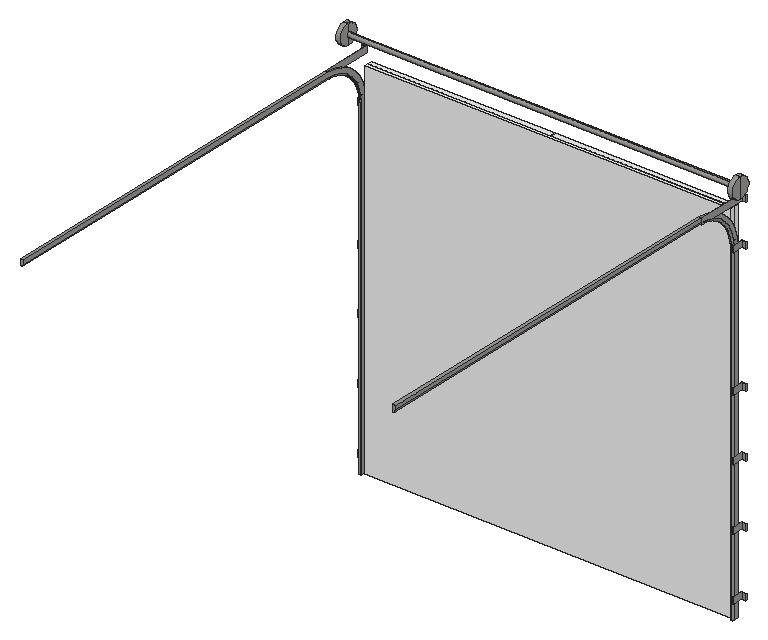
Revit family "Door_Overhead-Sectional_CarriageHouseDC_Wood-3020", category Doors, host Wall, Revit 2026
Family settings
  Host = Wall
  Classification Number = 23.30.10.17.37.14
  Always vertical = Yes
  Cut with Voids When Loaded = No
  Shared = No
  Room Calculation Point = No
Parameters (values of type "ByType")
  Wall_Wood Jamb [instance] = yes
  Wall_Steel Jamb [instance] = not(Wall_Wood Jamb)  # no
  Track Type [instance] = Tracks_Standard-Lift : Tracks_Standard-Lift
  Track Finish [instance] = Metal - Steel
  R-Value = 0
  Panel Width [instance] = 10' - 0"
  Panel Thickness Design_Interior [instance] = 0' - 0 1/4"  # constant formula
  Panel Thickness Design_Frame [instance] = 0' - 1 3/8"  # constant formula
  Panel Thickness Design_Facing [instance] = 0' - 0 1/2"
  Panel Thickness Design_Exterior Trim [instance] = 0' - 0 5/8"  # constant formula
  Panel Thickness [instance] = Panel Thickness Design_Interior + Panel Thickness Design_Frame + Panel Thickness Design_Facing + Panel Thickness Design_Exterior Trim  # 0' - 2 3/4"
  Panel Material [instance] = Finish - White
  Panel Height [instance] = 10' - 0"
  Opening Width [instance] = 10' - 0"
  Opening Height [instance] = 10' - 0"
  Track_High Lift Height [instance] = 0' - 2"
  Standards Conformance = ""
  Revision = "R1_2015-10"
  RO Offset = 0' - 0"
  Inlay Material [instance] = Finish - White Vertical Groove
  Hardware Finish [instance] = none
  Glazing Type [instance] = ""
  Glazing Tint [instance] = Glazing - as Specified
  Glazing Thickness [instance] = 0' - 0 1/8"
  Function = Exterior
  Manufacturer Phone = "916-373-1776"
  Warranty Duration (Years) = 0
  URL = "http://www.carriagedoor.com/"
  Thickness = 0' - 0"  # constant formula
  Test Data = ""
  Specification = ""
  SpecWizard = ""
  Send Message = ""
  Sales Information = "http://www.carriagedoor.com/contactUs.php"
  Rough Width = 0' - 0"  # constant formula
  Rough Height = 0' - 0"  # constant formula
  Product Properties = "http://www.carriagedoor.com/design.php"
  Product Data = "http://www.arcat.com/arcatcos/cos42/arc42007.html"
  Manufacturer Website = "http://www.carriagedoor.com/"
  Manufacturer Phone - Toll Free = "866-890-1776"
  Manufacturer Fax = "916-375-8874"
  Manufacturer Address = "1421 Richards Blvd.   Sacramento, CA 95814"
  Maintenance Schedule (Months) = 0
  Installation-Fabrication = ""
  Installation Phase = ""
  Green Building-LEED = ""
  Model = "as Specified in 08360"
  Manufacturer = "Carriage House Door Company"
  Keynote = "08360"
  Height [instance] = if(1 = 1, Panel Height, 0' 0")  # 10' - 0"
  Wall Closure = By host
  Width [instance] = if(1 = 1, Panel Width, 0' 0")  # 10' - 0"
  Fire Rating = "As Specified in 08360"
  Expected Lifespan (Years) = 0
  Drawn By = "Sumex Design, Inc. / Robert S. Weygant, CSI, CDT, SCIP"
  Door Panel Design = Door_Overhead-Sectional-Panel_CarriageHouseDC_Wood-3020 : 3020
  Description = "Carriage House Steel Door as Specified"
  Copyright = "©Arcat Inc."
  Construction Details = ""
  Building Codes = ""
  Available Options = "[Paint Grade][Stain Grade], [Ogee Trim Edge][Eased Trim Edge][Square Trim Edge]"
  Assembly Code = "B2030410"
  3 inch Track [instance] = not([2 inch Track])  # no
  2 inch Track [instance] = yes
Reference planes (in)
  plane 1 "Center (Front/Back)": y = -33.96225
  plane 2 "Center (Left/Right)": x = 64.28704
  plane 3: z = 0
  plane 4 "Right": x = 124.28704
  plane 5 "Left": x = 4.28704
  plane 6 "Closure": y = -37.96225
  plane 7: z = 0
  plane 8 "Top of Frame": z = 120
  plane 9 "RO Top": z = 120
  plane 10 "RO Right": x = 124.28704
  plane 11 "RO Left": x = 4.28704
  plane 12: x = 4.28704
  plane 13: x = 124.28704
  plane 14: z = 120
Lines and regions (in)
  Opening 1
    outline origin (-109.33485, -37.96225, 0) x (1, 0, 0) y (0, 0, 1)
      loop
        line (113.62189, 0) -> (233.62189, 0) -> (233.62189, 120) -> (113.62189, 120) -> (113.62189, 0)
Text (in)
  text "Exterior" at (58.95269, 0.56115, 0), in view "Plan"
  text "Interior" at (58.95269, -59.79114, 0), in view "Plan"
  text "Exterior" at (0, -17.98638, 123.01588), in view "Right"
  text "Interior" at (0, -64.39139, 123.01588), in view "Right"
  text "Interior" at (0, -52.09468, 121.14095), in view "Left"
  text "Exterior" at (0, 26.35325, 123.00693), in view "Left"
Dimensions and locks (in)
  equal spacing: plane 4 "Right", plane 2 "Center (Left/Right)", plane 5 "Left"
  "Opening Width": plane 5 "Left" to plane 4 "Right"
  "Opening Height": level to plane 8 "Top of Frame"
  "RO Offset": plane 5 "Left" to plane 11 "RO Left"
  "RO Offset": plane 10 "RO Right" to plane 4 "Right"
  "RO Offset": plane 9 "RO Top" to plane 8 "Top of Frame"
  equal spacing: plane 13, plane 2 "Center (Left/Right)", plane 12
  "Width": plane 13 to plane 12
  "Height": plane 14 to level
  aligned and locked: host wall to plane 1 "Center (Front/Back)"
  aligned and locked: host wall to plane 6 "Closure"
  aligned and locked: Opening 1 sketch curve to level
  aligned and locked: Opening 1 sketch curve to plane 9 "RO Top"
  aligned and locked: plane 10 "RO Right" to Opening 1 sketch curve
  aligned and locked: plane 11 "RO Left" to Opening 1 sketch curve
  aligned: nested 1 to plane 2 "Center (Left/Right)"
  aligned: plane 6 "Closure" to nested 1
  aligned: plane 6 "Closure" to nested 2
  aligned and locked: nested 2 to plane 2 "Center (Left/Right)"
  aligned: nested 2 to plane 6 "Closure"
  aligned and locked: nested 2 to plane 6 "Closure"
Nested families (in)
  nested 1: "Tracks_Standard-Lift" at (64.28704, -40.58725, 0), Track <- "Track Finish", Unit Width <- "Width", Wood Jamb <- "Wall_Wood Jamb", 2in Track <- "2 inch Track", Door Height <- "Height", High Lift Height <- "Track_High Lift Height", Opening Height <- "Opening Height", type <- "Track Type", type "Tracks_Standard-Lift"
    with trackradinsetv 0' - 0", trackradinseth 0' - 0", sideroomint 0' - 1 5/8", roofpitchheight 0' - 0", offsettrackradv 1' - 2.73821", offsettrackradh 1' - 2.99772", offset 12' - 0", highliftcalc 0' - 1", breakoutrun 1.5, breakoutrise 12, breakawaylength 0' - 0.01746", breakaway angle 1.00°, Wood Jamb yes, Unit Width 10' - 0", Unit Depth 0' - 2", Track Radius 1' - 3", Track Offset from Door Edge 0' - 0 1/2", Track Metal - Steel, Steel Jamb no, Standard Spring Location yes, Sideroom_Spring 0' - 3", Sideroom_Jambs 0' - 3", Roof Incline 0.00°, Rear Mount Spring no, Opening Width 10' - 0", Opening Height 10' - 0", High Lift Height 0' - 2", Headroom Clearance 1' - 0", Door Height 10' - 0", Breakaway Start 1' - 2", Back Depth 11' - 10", 3in Track no, 2in Track yes, 1 in 12 Breakout no, 1 5 in 12 Breakout yes
  nested 2: "Door_Overhead-Sectional-Panel_CarriageHouseDC_Wood-3020" at (64.28704, -39.33725, 0) x (-1, 0, 0) z (0, 0, 1), Panel Material <- "Panel Material", Inlay Material <- "Inlay Material", Hardware Finish <- "Hardware Finish", Glazing Tint <- "Glazing Tint", Panel Width <- "Panel Width", Panel Height <- "Panel Height", Glazing Thickness <- "Glazing Thickness", Panel Thickness <- "Panel Thickness", type <- "Door Panel Design", type "3020"
    with Solid Panel Design Setup 2' - 3", Panel Width 10' - 0", Panel Thickness 0' - 2 3/4", Panel Material Finish - White, Panel Height 10' - 0", Number of Sections 5, Inlay Material Finish - White Vertical Groove, Hardware Finish none, Glazing Type "", Glazing Tint Glazing - as Specified, Glazing Thickness 0' - 0 1/8"
Definition of nested family "Tracks_Standard-Lift"
  Parameters
    trackradinsetv [instance] = Track Radius - (Track Radius * cos(Roof Incline))  # 0' - 0"
    trackradinseth [instance] = Track Radius * sin(Roof Incline)  # 0' - 0"
    sideroomint [instance] = if(Steel Jamb, Sideroom_Jambs, 0' 1 5/8")  # 0' - 1 5/8"
    roofpitchheight [instance] = (Back Depth) * tan(Roof Incline)  # 0' - 0"
    offsettrackradv [instance] = Track Radius - (Track Radius * sin(breakaway angle))  # 1' - 2.73821"
    offsettrackradh [instance] = Track Radius * cos(breakaway angle)  # 1' - 2.99772"
    offset [instance] = 12' - 0"
    breakoutrun [instance] = if([1 in 12 Breakout], 1, 1.5)  # 1
    breakoutrise [instance] = 12  # constant formula
    breakawaylength [instance] = (Breakaway Start + High Lift Height - Track Radius) / tan(90.00° - breakaway angle)  # 0' - 0.26183"
    breakaway angle [instance] = 1.00°  # constant formula
    Wood Jamb [instance] = yes
    Unit Width [instance] = 8' - 0"
    Unit Depth [instance] = if([2in Track], 0' 2", if([3in Track], 0' 3", 0' 2"))  # 0' - 3"
    URL = "http://www.chiohd.com/garage-doors/"
    Track Radius [instance] = 1' - 3"
    Track [instance] = none
    Steel Jamb [instance] = not(Wood Jamb)  # no
    Standard Spring Location [instance] = yes
    Specification = ""
    SpecWizard = "http://www.arcat.com/specwizard/clients/chiover.html?coid=43804"
    Track Offset from Door Edge [instance] = 0' - 0 1/2"
    Sideroom_Spring [instance] = 0' - 5"
    Sideroom_Jambs [instance] = 0' - 5"
    Sales Information = "http://www.chiohd.com/dealers/#.UQ_IQr_Xb_Y"
    Roof Incline [instance] = 0.00°
    Revision = "R1_02-2013"
    Rear Mount Spring [instance] = yes
    Product Properties = ""
    Product Data = "http://www.arcat.com/arcatcos/cos43/arc43804.html"
    Opening Width [instance] = if(Wood Jamb, Unit Width, Unit Width - 0' 1")  # 8' - 0"
    Opening Height [instance] = 8' - 0"
    Model = "As Specified"
    Manufacturer = "CHI Overhead Doors"
    Keynote = ""
    Installation-Fabrication = ""
    highliftcalc [instance] = if(Headroom Clearance < 5' 4 3/256", Headroom Clearance - 0' 11", if(and(Headroom Clearance > 5' 4", Headroom Clearance < 11' 1 3/256"), Headroom Clearance - 1' 1", if(and(Headroom Clearance > 11' 1", Headroom Clearance < 15' 0 3/256"), Headroom Clearance - 1' 5", 1' 0")))  # 1' - 10"
    High Lift Height [instance] = 1' - 10"
    Headroom Clearance [instance] = 2' - 9"
    Green Building-LEED = "http://www.arcat.com/green/clients/leed_data_43804.html"
    Drawn By = "Sumex Design, Inc. / Robert S. Weygant, CSI, CDT, SCIP"
    Door Height [instance] = 8' - 0"
    Description = ""
    Default Elevation = 4' - 0"
    Copyright = "©Arcat Inc."
    Construction Details = "http://www.arcat.com/details/chiover/chiover.html?coid=43804"
    Breakaway Start [instance] = if([1 in 12 Breakout], 0' 8", if([1 5 in 12 Breakout], 1' 2", 1' 0"))  # 0' - 8"
    Back Depth [instance] = Door Height + 1' 10"  # 9' - 10"
    Assembly Code = ""
    3in Track [instance] = not([2in Track])  # yes
    2in Track [instance] = no
    1 in 12 Breakout [instance] = yes
    1 5 in 12 Breakout [instance] = not([1 in 12 Breakout])  # no
  Reference planes (in)
    plane 1 "Center (Front/Back)": y = 0
    plane 2 "Bottom": z = 0
    plane 3 "Center (Left/Right)": x = 0
    plane 4 "Front": y = -1.5
    plane 5 "Back": y = 1.5
    plane 6 "Left": x = -48
    plane 7 "Right": x = 48
    plane 8 "Top": z = 121
    plane 9: z = 96
    plane 10: x = -48
    plane 11: x = 48
    plane 12: z = 129
    plane 13: y = -114.875
    plane 14: y = -13.49772
    plane 15: z = 106.26179
    plane 16: y = 3.125
    plane 17: z = 67.5
    plane 18: z = 47
    plane 19: z = 26.5
    plane 20: z = 6
    plane 21: z = 97.13089
    plane 22: x = 53
    plane 23: x = -53
    plane 24 "Drum CL": y = -1.875
    plane 25: z = 106
    plane 26: z = 118
    plane 27: y = -13.49772
    plane 28: z = 121
    plane 29: x = -49.625
    plane 30: x = 49.625
  Forms (in)
    Extrusion 1, solid, material <- "Track", visible <- "Wood Jamb"
      sketch origin (0, 0, 0) x (1, 0, 0) y (0, 1, 0)
        loop
          line (-49.5, -13.49772) -> (-49.5, 3.125) -> (-53, 3.125) -> (-53, 3) -> (-49.625, 3) -> (-49.625, -13.49772) -> (-49.5, -13.49772)
        loop
          line (49.5, -13.49772) -> (49.625, -13.49772) -> (49.625, 3) -> (53, 3) -> (53, 3.125) -> (49.5, 3.125) -> (49.5, -13.49772)
      from 0 to 121
    Extrusion 2, void
      sketch origin (0, 0, 0) x (0, 1, 0) y (0, 0, 1)
        loop
          line (-1.5, 5) -> (-1.5, 7) -> (3.125, 7) -> (3.125, 25.5) -> (-1.5, 25.5) -> (-1.5, 27.5) -> (3.125, 27.5) -> (3.125, 46) -> (-1.5, 46) -> (-1.5, 48) -> (3.125, 48) -> (3.125, 66.5) -> (-1.5, 66.5) -> (-1.5, 68.5) -> (3.125, 68.5) -> (3.125, 105.26179) -> (-1.5, 105.26179) -> (-1.5, 107.26179) -> (3.125, 107.26179) -> (3.125, 119) -> (-13.49772, 119) -> (-13.49772, 0) -> (3.125, 0) -> (3.125, 5) -> (-1.5, 5)
      from -53 to 53
    Extrusion 3, solid, material <- "Track", visible <- "Steel Jamb"
      sketch origin (0, 0, 0) x (1, 0, 0) y (0, 1, 0)
        loop
          line (-53, 3.125) -> (-53, -13.49772) -> (-52.875, -13.49772) -> (-52.875, 3) -> (-48.375, 3) -> (-48.375, 3.125) -> (-53, 3.125)
        loop
          line (53, 3.125) -> (48.375, 3.125) -> (48.375, 3) -> (52.875, 3) -> (52.875, -13.49772) -> (53, -13.49772) -> (53, 3.125)
      from 0 to 121
    Revolve 4, solid, material <- "Track"
      sketch origin (0, -1.875, 0) x (0, 0, -1) y (1, 0, 0)
        loop
          line (-128.25, -53) -> (-125, -53) -> (-125, 53) -> (-128.25, 53) -> (-128.25, 51.5) -> (-125.75, 51.5) -> (-125.75, -51.5) -> (-128.25, -51.5) -> (-128.25, -53)
        axis (-125, 53) -> (-125, -53)
      angle from 0 to 360
    Sweep 5, solid, material <- "Track"
      path origin (0, 0, 0) x (0, 1, 0) y (0, 0, 1)
        loop
          line (1.5, 0) -> (1.5, 106.26179)
          arc (1.5, 106.26179) -> (-2.98408, 116.69876) -> (-13.49772, 121) r 15
          line (-13.49772, 121) -> (-114.875, 121)
      profile origin (0, -64.18636, 121) x (0, 0, -1) y (1, 0, 0)
        loop
          line (2.62111, -48.5) -> (0, -48.5) -> (0, -49.5) -> (2.25, -49.5)
          arc (2.25, -49.5) -> (2.68414, -49.38263) -> (3, -49.0625) r 0.86161
          line (3, -49.0625) -> (3, -48.71875) -> (2.62111, -48.5)
    Sweep 6, solid, material <- "Track"
      path origin (0, 0, 0) x (0, 1, 0) y (0, 0, 1)
        loop
          line (1.5, 0) -> (1.5, 106.26179)
          arc (1.5, 106.26179) -> (-2.98408, 116.69876) -> (-13.49772, 121) r 15
          line (-13.49772, 121) -> (-114.875, 121)
      profile origin (0, -64.18636, 121) x (0, 0, -1) y (1, 0, 0)
        loop
          line (0, 49.5) -> (0, 48.5) -> (2.62111, 48.5) -> (3, 48.71875) -> (3, 49.0625)
          arc (3, 49.0625) -> (2.68414, 49.38263) -> (2.25, 49.5) r 0.86161
          line (2.25, 49.5) -> (0, 49.5)
  Cuts and joins
    Extrusion 2 cuts Extrusion 1
    Extrusion 2 cuts Extrusion 3
  Lines and regions (in)
    reference lines
      curve 1: arc (0, 0.25, 112.00003) -> (0, -5.28189, 118.54991) -> (0, -13.49772, 121) r 15
      curve 2: line (0, -13.49772, 121) -> (0, -114.875, 121)
  Text (in)
    text "OPENING" at (0, 24.81124, 52.10269), in view "Right"
    text "STANDARD LIFT" at (0, 24.81124, 118.55424), in view "Right"
  Dimensions and locks (in)
    equal spacing: plane 6 "Left", plane 3 "Center (Left/Right)", plane 7 "Right"
    "Unit Width": plane 6 "Left" to plane 7 "Right"
    equal spacing: plane 5 "Back", plane 1 "Center (Front/Back)", plane 4 "Front"
    "Unit Depth": plane 5 "Back" to plane 4 "Front"
    equal spacing: plane 10, plane 3 "Center (Left/Right)", plane 11
    "Opening Width": plane 10 to plane 11
    "Headroom Clearance": plane 12 to plane 9
    "Back Depth": plane 13 to plane 16
    "offsettrackradv": plane 8 "Top" to plane 15
    locked: plane 16 to plane 5 "Back" at 1.625
    "Sideroom_Jambs": Extrusion 1 sketch curve to plane 10
    "Sideroom_Jambs": plane 11 to Extrusion 1 sketch curve
    locked: plane 20 to level at 6
    equal spacing: plane 17, plane 18, plane 19, plane 20
    Extrusion 2 sketch curve to plane 20 to Extrusion 2 sketch curve = 0' - 1" locked, 0' - 1" locked
    Extrusion 2 sketch curve to plane 19 to Extrusion 2 sketch curve = 0' - 1" locked, 0' - 1" locked
    Extrusion 2 sketch curve to plane 18 to Extrusion 2 sketch curve = 0' - 1" locked, 0' - 1" locked
    Extrusion 2 sketch curve to plane 17 to Extrusion 2 sketch curve = 0' - 1" locked, 0' - 1" locked
    Extrusion 2 sketch curve to plane 15 to Extrusion 2 sketch curve = 0' - 1" locked, 0' - 1" locked
    "Sideroom_Spring": plane 23 to plane 10
    "Sideroom_Spring": plane 11 to plane 22
    locked: Extrusion 3 sketch curve to plane 10 at 0.375
    locked: plane 11 to Extrusion 3 sketch curve at 0.375
    locked: plane 24 "Drum CL" to plane 16 at 5
    locked: Revolve 4 sketch curve to plane 10 at 5
    locked: plane 11 to Revolve 4 sketch curve at 5
    locked: Revolve 4 sketch curve to Revolve 4 sketch curve at 1.5  (x2)
    locked: Revolve 4 sketch curve to Revolve 4 sketch curve at 0.75
    locked: Revolve 4 sketch curve to Revolve 4 sketch curve at 3.25  (x2)
    locked: Extrusion 1 sketch curve to Extrusion 1 sketch curve at 0.125
    "Opening Height": plane 9 to level
    "Track Radius": plane 8 "Top" to plane 25
    "High Lift Height": plane 26 to plane 9
    "Unit Depth": plane 8 "Top" to plane 26
    "offsettrackradh": plane 14 to plane 5 "Back"
    "trackradinseth": plane 14 to plane 27
    "trackradinsetv": plane 8 "Top" to plane 28
    "Unit Depth": Sweep 5 sketch curve to Sweep 5 sketch curve
    locked: plane 8 "Top" to Extrusion 2 sketch curve at 2
    "Unit Depth": Sweep 6 sketch curve to Sweep 6 sketch curve
    Extrusion 1 sketch curve to Extrusion 1 sketch curve to plane 10 = 0' - 0 1/8" locked, 0' - 1 1/2" locked
    equal spacing: Sweep 5 sketch curve, Sweep 5 sketch curve, Sweep 5 sketch curve, Sweep 5 sketch curve, plane 10
    equal spacing: plane 11, Sweep 6 sketch curve, Sweep 6 sketch curve, Sweep 6 sketch curve, Sweep 6 sketch curve
    "sideroomint": plane 29 to plane 10
    plane 29 to Sweep 5 sketch curve to Sweep 5 sketch curve to Sweep 5 sketch curve to Sweep 5 sketch curve = 0' - 0 1/8" locked, 0' - 0 7/16" locked, 0' - 0 11/32" locked, 0' - 0 7/32" locked
    "Sideroom_Jambs": Extrusion 3 sketch curve to plane 10
    locked: Extrusion 3 sketch curve to Extrusion 3 sketch curve at 0.125  (x2)
    "Sideroom_Jambs": plane 11 to Extrusion 3 sketch curve
    locked: plane 11 to Extrusion 1 sketch curve at 1.5
    "sideroomint": plane 11 to plane 30
    Sweep 6 sketch curve to Sweep 6 sketch curve to Sweep 6 sketch curve to Sweep 6 sketch curve to plane 30 = 0' - 0 7/32" locked, 0' - 0 11/32" locked, 0' - 0 7/16" locked, 0' - 0 1/8" locked
    locked: Revolve 4 sketch curve to plane 26 at 7
    "Track Radius": radius of curve 1
    "Track Radius": radius of Sweep 6 sketch curve
    "Roof Incline": angle curve 2 to plane 28
    "Roof Incline": angle Sweep 5 sketch curve to plane 28
    "Roof Incline": angle Sweep 6 sketch curve to plane 28
    aligned and locked: plane 14 to Extrusion 1 sketch curve
    aligned and locked: Extrusion 1 sketch curve to plane 14
    aligned and locked: Extrusion 2 sketch curve to plane 14
    aligned and locked: Extrusion 2 sketch curve to plane 16
    aligned and locked: plane 4 "Front" to Extrusion 2 sketch curve  (x4)
    aligned and locked: Extrusion 2 sketch curve to plane 4 "Front"
    aligned and locked: plane 23 to Extrusion 2
    aligned and locked: Extrusion 2 to plane 22
    aligned and locked: Extrusion 3 sketch curve to plane 14
    aligned and locked: plane 14 to Extrusion 3 sketch curve
    aligned and locked: Revolve 4 sketch curve to Revolve 4 sketch curve
    aligned and locked: plane 27 to curve 1
    aligned and locked: plane 25 to curve 1
    aligned and locked: plane 14 to curve 1
    aligned and locked: plane 13 to curve 2
    aligned and locked: Sweep 5 sketch curve to curve 1
    aligned and locked: plane 13 to Sweep 5 sketch curve
    aligned and locked: plane 27 to Sweep 5 sketch curve
    aligned and locked: plane 8 "Top" to Extrusion 3
    aligned and locked: plane 8 "Top" to Extrusion 1
    aligned and locked: plane 13 to Sweep 6 sketch curve
    aligned and locked: plane 15 to Sweep 5 sketch curve
    aligned and locked: plane 27 to Sweep 6 sketch curve
    aligned and locked: plane 28 to Sweep 6 sketch curve
    aligned and locked: plane 15 to Sweep 6 sketch curve
    aligned and locked: plane 5 "Back" to Sweep 6 sketch curve
  Automatic sketch dimensions
    Extrusion 1 sketch curve to plane 16 = 0' - 0"  (x2)
    Extrusion 1 sketch curve to plane 16 = 0' - 0 1/8"  (x2)
    Extrusion 3 sketch curve to plane 16 = 0' - 0"  (x2)
    Extrusion 3 sketch curve to plane 16 = 0' - 0 1/8"  (x2)
    Revolve 4 sketch curve to Revolve 4 sketch curve = 0' - 0"
    Revolve 4 sketch curve to Revolve 4 sketch curve = 0' - 3"
    Sweep 5 sketch curve to level = 0' - 0"
    Sweep 5 sketch curve to profile plane = 0' - 0"
    Sweep 5 sketch curve to Sweep 5 sketch curve = 0' - 0.37111"
    Sweep 5 sketch curve to Sweep 5 sketch curve = 0' - 0.13839"
    Sweep 6 sketch curve to profile plane = 0' - 0"
    Sweep 6 sketch curve to Sweep 6 sketch curve = 0' - 0.37111"
    Sweep 6 sketch curve to Sweep 6 sketch curve = 0' - 0.13839"
    curve 1 to plane 1 "Center (Front/Back)" = 0' - 0 1/4"
    Sweep 6 sketch curve to level = 0' - 0"
    Extrusion 2 sketch curve to plane 16 = 0' - 0"  (x5)
    Extrusion 2 sketch curve to level = 0' - 0"
Definition of nested family "Door_Overhead-Sectional-Panel_CarriageHouseDC_Wood-3020"
  Parameters
    Windowed Panel Design = no
    Warranty Duration (Years) = 0
    URL = ""
    Top Panel Type = Rectangle-Top-Panel : A
    Specification = ""
    SpecWizard = ""
    Solid Panel Design = yes
    Send Message = ""
    Sales Information = ""
    Revision = "R1_01-2014"
    Product Properties = ""
    Product Data = ""
    Panel Width [instance] = 8' - 0"
    Panel Thickness [instance] = 0' - 3"
    Panel Material [instance] = none
    Panel Height [instance] = 7' - 0"
    Number of Sections [instance] = if(Panel Height < 8' 0", 3, if(Panel Height < 10' 0", 4, if(Panel Height < 12' 0", 5, 6)))  # 3
    Model = "As Specified"
    Manufacturer Website = ""
    Manufacturer Phone - Toll Free = ""
    Manufacturer Phone = ""
    Manufacturer Fax = ""
    Manufacturer Address = ""
    Manufacturer = ""
    Maintenance Schedule (Months) = 0
    Solid Panel Design Setup [instance] = if(1 = 1, (Panel Height / Number of Sections) + 0' 3", 0' 0")  # 2' - 7"
    Keynote = ""
    Installation-Fabrication = ""
    Installation Phase = ""
    Inlay Material [instance] = none
    Hardware Finish [instance] = none
    Green Building-LEED = ""
    Glazing Type [instance] = ""
    Glazing Tint [instance] = none
    Glazing Thickness [instance] = 0' - 0 1/8"
    Expected Lifespan (Years) = 0
    Drawn By = "Sumex Design, Inc. / Robert S. Weygant, CSI, CDT, SCIP"
    Description = ""
    Default Elevation = 0' - 0"
    Copyright = "©Arcat Inc."
    Construction Details = ""
    Assembly Code = ""
  Reference planes (in)
    plane 1 "Center (Front/Back)": y = 0
    plane 2 "Bottom": z = 0
    plane 3 "Center (Left/Right)": x = 0
    plane 4 "Front": y = -1.5
    plane 5 "Back": y = 1.5
    plane 6 "Left": x = -48
    plane 7 "Right": x = 48
    plane 8 "Top": z = 84
    plane 9: z = 56
    plane 10: z = 53
  Forms (in)
    Extrusion 1, solid, material <- "Panel Material", visible <- "Solid Panel Design"
      sketch origin (0, 0, 0) x (1, 0, 0) y (0, 0, 1)
        loop
          line (-48, 84) -> (-48, 0) -> (0, 0) -> (0, 84) -> (-48, 84)
        loop
          line (-5.5, 5.5) -> (-5.5, 50.25) -> (-42.5, 50.25) -> (-42.5, 5.5) -> (-5.5, 5.5)
        loop
          line (-42.5, 78.5) -> (-42.5, 55.75) -> (-5.5, 55.75) -> (-5.5, 78.5) -> (-42.5, 78.5)
      from 0 to 1.5
    Extrusion 2, solid, material <- "Panel Material", visible <- "Solid Panel Design"
      sketch origin (0, 0, 0) x (1, 0, 0) y (0, 0, 1)
        loop
          line (48, 84) -> (0, 84) -> (0, 0) -> (48, 0) -> (48, 84)
        loop
          line (42.5, 5.5) -> (42.5, 50.25) -> (5.5, 50.25) -> (5.5, 5.5) -> (42.5, 5.5)
        loop
          line (5.5, 78.5) -> (5.5, 55.75) -> (42.5, 55.75) -> (42.5, 78.5) -> (5.5, 78.5)
      from 0 to 1.5
    Extrusion 3, solid, material <- "Panel Material", visible <- "Solid Panel Design"
      sketch origin (0, 0, 0) x (1, 0, 0) y (0, 0, 1)
        loop
          line (-48, 84) -> (-48, 0) -> (48, 0) -> (48, 84) -> (-48, 84)
      from -1.5 to 0
    Extrusion 4, solid, material <- "Panel Material", visible <- "Windowed Panel Design"
      sketch origin (0, 0, 0) x (1, 0, 0) y (0, 0, 1)
        loop
          line (-48, 56) -> (-48, 0) -> (0, 0) -> (0, 56) -> (-48, 56)
        loop
          line (-42.5, 5.5) -> (-5.5, 5.5) -> (-5.5, 53.25) -> (-42.5, 53.25) -> (-42.5, 5.5)
      from 0 to 1.5
    Extrusion 5, solid, material <- "Panel Material", visible <- "Windowed Panel Design"
      sketch origin (0, 0, 0) x (-1, 0, 0) y (0, 0, -1)
        loop
          line (-48, -56) -> (0, -56) -> (0, 0) -> (-48, 0) -> (-48, -56)
        loop
          line (-42.5, -5.5) -> (-42.5, -53.25) -> (-5.5, -53.25) -> (-5.5, -5.5) -> (-42.5, -5.5)
      from 0 to 1.5
    Extrusion 6, solid, material <- "Panel Material", visible <- "Windowed Panel Design"
      sketch origin (0, 0, 0) x (1, 0, 0) y (0, 0, 1)
        loop
          line (-48, 56) -> (-48, 0) -> (48, 0) -> (48, 56) -> (-48, 56)
      from -1.5 to 0
  Dimensions and locks (in)
    equal spacing: plane 6 "Left", plane 3 "Center (Left/Right)", plane 7 "Right"
    "Panel Width": plane 6 "Left" to plane 7 "Right"
    equal spacing: plane 5 "Back", plane 1 "Center (Front/Back)", plane 4 "Front"
    "Panel Thickness": plane 5 "Back" to plane 4 "Front"
    "Panel Height": plane 8 "Top" to level
    locked: plane 8 "Top" to plane 9 at 28
    "Solid Panel Design Setup": plane 8 "Top" to plane 10
    locked: Extrusion 1 sketch curve to plane 6 "Left" at 5.5
    locked: plane 3 "Center (Left/Right)" to Extrusion 1 sketch curve at 5.5
    locked: Extrusion 1 sketch curve to level at 5.5
    locked: plane 7 "Right" to Extrusion 2 sketch curve at 5.5
    locked: Extrusion 2 sketch curve to plane 3 "Center (Left/Right)" at 5.5
    locked: plane 8 "Top" to Extrusion 2 sketch curve at 5.5
    locked: Extrusion 2 sketch curve to level at 5.5
    locked: plane 9 to Extrusion 4 sketch curve at 2.75
    locked: Extrusion 4 sketch curve to level at 5.5
    locked: plane 3 "Center (Left/Right)" to Extrusion 4 sketch curve at 5.5
    locked: Extrusion 4 sketch curve to plane 6 "Left" at 5.5
    locked: plane 9 to Extrusion 5 sketch curve at 2.75
    locked: plane 7 "Right" to Extrusion 5 sketch curve at 5.5
    locked: Extrusion 5 sketch curve to plane 3 "Center (Left/Right)" at 5.5
    locked: Extrusion 5 sketch curve to level at 5.5
    locked: plane 8 "Top" to Extrusion 1 sketch curve at 5.5
    Extrusion 2 sketch curve to plane 10 to Extrusion 2 sketch curve = 0' - 2 3/4" locked, 0' - 2 3/4" locked
    Extrusion 1 sketch curve to plane 10 to Extrusion 1 sketch curve = 0' - 2 3/4" locked, 0' - 2 3/4" locked
    aligned and locked: plane 3 "Center (Left/Right)" to Extrusion 1 sketch curve
    aligned and locked: Extrusion 3 sketch curve to Extrusion 1  (x2)
    aligned and locked: Extrusion 3 sketch curve to Extrusion 2  (x2)
    aligned and locked: Extrusion 3 to plane 5 "Back"
    aligned and locked: plane 1 "Center (Front/Back)" to Extrusion 3
    aligned and locked: Extrusion 5 to plane 4 "Front"
    aligned and locked: Extrusion 4 to plane 4 "Front"
    aligned and locked: Extrusion 6 sketch curve to Extrusion 4  (x2)
    aligned and locked: Extrusion 6 sketch curve to Extrusion 3
    aligned and locked: Extrusion 6 sketch curve to Extrusion 2
    aligned and locked: Extrusion 6 to plane 5 "Back"
    aligned and locked: plane 1 "Center (Front/Back)" to Extrusion 6
    aligned and locked: plane 3 "Center (Left/Right)" to nested 1
    aligned and locked: plane 1 "Center (Front/Back)" to nested 1
    aligned and locked: Extrusion 1 to plane 4 "Front"
    aligned and locked: Extrusion 2 to plane 4 "Front"
  Automatic sketch dimensions
    Extrusion 4 sketch curve to plane 6 "Left" = 0' - 0"
    Extrusion 4 sketch curve to plane 3 "Center (Left/Right)" = 0' - 0"
    Extrusion 4 sketch curve to level = 0' - 0"
    Extrusion 4 sketch curve to plane 9 = 0' - 0"
    Extrusion 5 sketch curve to plane 7 "Right" = 0' - 0"
    Extrusion 5 sketch curve to plane 3 "Center (Left/Right)" = 0' - 0"
    Extrusion 5 sketch curve to level = 0' - 0"
    Extrusion 5 sketch curve to plane 9 = 0' - 0"
    Extrusion 1 sketch curve to level = 0' - 0"
    Extrusion 1 sketch curve to plane 6 "Left" = 0' - 0"
    Extrusion 1 sketch curve to plane 8 "Top" = 0' - 0"
    Extrusion 2 sketch curve to level = 0' - 0"
    Extrusion 2 sketch curve to plane 3 "Center (Left/Right)" = 0' - 0"
    Extrusion 2 sketch curve to plane 7 "Right" = 0' - 0"
    Extrusion 2 sketch curve to plane 8 "Top" = 0' - 0"
    Extrusion 2 sketch curve to Extrusion 2 sketch curve = 0' - 0"  (x2)
    Extrusion 1 sketch curve to Extrusion 1 sketch curve = 0' - 0"
    Extrusion 1 sketch curve to plane 3 "Center (Left/Right)" = 0' - 5 1/2"
  Nested families (in)
    nested 1: "Rectangle-Top-Panel" at (0, 0, 56), glazing thickness <- "Glazing Thickness", glazing <- "Glazing Tint", panel <- "Panel Material", type <- "Top Panel Type", Width <- "Panel Width", visible <- "Windowed Panel Design", Depth <- "Panel Thickness", type "A"
      with panel none, muntinreverse -0' - 0 1/4", glazing thickness 0' - 0 1/8", glazing none, built-in parameter 1001301 8' - 0", built-in parameter 1001300 2' - 4", Depth 0' - 3"
  Definition of nested family "Rectangle-Top-Panel"
    Parameters
      panel [instance] = none
      muntinreverse [instance] = -glazing thickness - 0' 0 1/8"  # -0' - 0 5/8"
      glazing thickness [instance] = 0' - 0 1/2"
      glazing [instance] = none
      Width [instance] = 8' - 0"
      Warranty Duration (Years) = 0
      Vertical Two = no
      Vertical Three = no
      Vertical One = no
      URL = ""
      Specification = ""
      SpecWizard = ""
      Send Message = ""
      Sales Information = ""
      Revision = "R1_01-2014"
      Product Properties = ""
      Product Data = ""
      Model = "As Specified"
      Manufacturer Website = ""
      Manufacturer Phone - Toll Free = ""
      Manufacturer Phone = ""
      Manufacturer Fax = ""
      Manufacturer Address = ""
      Manufacturer = ""
      Maintenance Schedule (Months) = 0
      Keynote = ""
      Installation-Fabrication = ""
      Installation Phase = ""
      Horizontal = no
      Height [instance] = 2' - 4"  # constant formula
      Green Building-LEED = ""
      Expected Lifespan (Years) = 0
      Drawn By = "Sumex Design, Inc. / Robert S. Weygant, CSI, CDT, SCIP"
      Description = ""
      Depth [instance] = 0' - 2"
      Default Elevation = 0' - 0"
      Copyright = "©Arcat Inc."
      Construction Details = ""
      Assembly Code = ""
    Reference planes (in)
      plane 1 "Center (Front/Back)": y = 0
      plane 2 "Bottom": z = 0
      plane 3 "Center (Left/Right)": x = 0
      plane 4 "Front": y = -1
      plane 5 "Back": y = 1
      plane 6 "Left": x = -48
      plane 7 "Right": x = 48
      plane 8 "Top": z = 28
      plane 9: y = -0.625
      plane 10: y = -1.125
      plane 11 "V2A": x = -30.16667
      plane 12 "V2B": x = -17.83333
      plane 13: x = -5.5
      plane 14: x = -42.5
      plane 15: x = 5.5
      plane 16: x = 42.5
      plane 17 "V2C": x = 17.83333
      plane 18 "V2D": x = 30.16667
      plane 19 "V1A": x = -24
      plane 20 "V1B": x = 24
      plane 21 "V3A": x = -33.25
      plane 22 "V3C": x = -14.75
      plane 23 "V3B": x = -24
      plane 24 "V3F": x = 33.25
      plane 25 "V3D": x = 14.75
      plane 26 "V3E": x = 24
    Forms (in)
      Extrusion 1, solid, material <- "panel"
        sketch origin (0, 0, 0) x (1, 0, 0) y (0, 0, 1)
          loop
            line (-48, 28) -> (-48, 0) -> (0, 0) -> (0, 28) -> (-48, 28)
          loop
            line (-42.5, 22.5) -> (-42.5, 2.75) -> (-5.5, 2.75) -> (-5.5, 22.5) -> (-42.5, 22.5)
        from -1 to 1
      Extrusion 2, solid, material <- "panel"
        sketch origin (0, 0, 0) x (-1, 0, 0) y (0, 0, -1)
          loop
            line (-48, -28) -> (0, -28) -> (0, 0) -> (-48, 0) -> (-48, -28)
          loop
            line (-42.5, -22.5) -> (-5.5, -22.5) -> (-5.5, -2.75) -> (-42.5, -2.75) -> (-42.5, -22.5)
        from -1 to 1
      Extrusion 3, solid, material <- "glazing"
        sketch origin (0, 0, 0) x (1, 0, 0) y (0, 0, 1)
          loop
            line (-42.5, 22.5) -> (-42.5, 2.75) -> (-5.5, 2.75) -> (-5.5, 22.5) -> (-42.5, 22.5)
          loop
            line (5.5, 22.5) -> (5.5, 2.75) -> (42.5, 2.75) -> (42.5, 22.5) -> (5.5, 22.5)
        from 0.625 to 1.125
      Extrusion 4, solid, material <- "panel", visible <- "Horizontal"
        sketch origin (50.26024, -1.125, 48) x (1, 0, 0) y (0, 0, 1)
          loop
            line (-55.76024, -36.375) -> (-55.76024, -34.375) -> (-92.76024, -34.375) -> (-92.76024, -36.375) -> (-55.76024, -36.375)
          loop
            line (-44.76024, -36.375) -> (-7.76024, -36.375) -> (-7.76024, -34.375) -> (-44.76024, -34.375) -> (-44.76024, -36.375)
        from 0.1875 to -0.625 <- "muntinreverse"
      Extrusion 5, solid, material <- "panel", visible <- "Vertical Two"
        sketch origin (50.26024, -1.125, 48) x (1, 0, 0) y (0, 0, 1)
          loop
            line (-79.42691, -25.5) -> (-81.42691, -25.5) -> (-81.42691, -45.25) -> (-79.42691, -45.25) -> (-79.42691, -25.5)
          loop
            line (-67.09357, -25.5) -> (-69.09357, -25.5) -> (-69.09357, -45.25) -> (-67.09357, -45.25) -> (-67.09357, -25.5)
          loop
            line (-31.42691, -25.5) -> (-33.42691, -25.5) -> (-33.42691, -45.25) -> (-31.42691, -45.25) -> (-31.42691, -25.5)
          loop
            line (-19.09357, -25.5) -> (-21.09357, -25.5) -> (-21.09357, -45.25) -> (-19.09357, -45.25) -> (-19.09357, -25.5)
        from 0.125 to -0.625 <- "muntinreverse"
      Extrusion 6, solid, material <- "panel", visible <- "Vertical One"
        sketch origin (50.26024, -1.125, 48) x (1, 0, 0) y (0, 0, 1)
          loop
            line (-73.26024, -25.5) -> (-75.26024, -25.5) -> (-75.26024, -45.25) -> (-73.26024, -45.25) -> (-73.26024, -25.5)
          loop
            line (-25.26024, -25.5) -> (-27.26024, -25.5) -> (-27.26024, -45.25) -> (-25.26024, -45.25) -> (-25.26024, -25.5)
        from 0.125 to -0.625 <- "muntinreverse"
      Extrusion 7, solid, material <- "panel", visible <- "Vertical Three"
        sketch origin (50.26024, -1.125, 48) x (1, 0, 0) y (0, 0, 1)
          loop
            line (-84.51024, -25.5) -> (-84.51024, -45.25) -> (-82.51024, -45.25) -> (-82.51024, -25.5) -> (-84.51024, -25.5)
          loop
            line (-75.26024, -25.5) -> (-75.26024, -45.25) -> (-73.26024, -45.25) -> (-73.26024, -25.5) -> (-75.26024, -25.5)
          loop
            line (-66.01024, -25.5) -> (-66.01024, -45.25) -> (-64.01024, -45.25) -> (-64.01024, -25.5) -> (-66.01024, -25.5)
          loop
            line (-36.51024, -25.5) -> (-36.51024, -45.25) -> (-34.51024, -45.25) -> (-34.51024, -25.5) -> (-36.51024, -25.5)
          loop
            line (-27.26024, -25.5) -> (-27.26024, -45.25) -> (-25.26024, -45.25) -> (-25.26024, -25.5) -> (-27.26024, -25.5)
          loop
            line (-18.01024, -25.5) -> (-18.01024, -45.25) -> (-16.01024, -45.25) -> (-16.01024, -25.5) -> (-18.01024, -25.5)
        from 0.125 to -0.625 <- "muntinreverse"
    Dimensions and locks (in)
      equal spacing: plane 6 "Left", plane 3 "Center (Left/Right)", plane 7 "Right"
      "Width": plane 6 "Left" to plane 7 "Right"
      equal spacing: plane 5 "Back", plane 1 "Center (Front/Back)", plane 4 "Front"
      "Depth": plane 5 "Back" to plane 4 "Front"
      "Height": plane 8 "Top" to plane 2 "Bottom"
      locked: Extrusion 1 sketch curve to plane 6 "Left" at 5.5
      locked: plane 3 "Center (Left/Right)" to Extrusion 1 sketch curve at 5.5
      locked: Extrusion 2 sketch curve to plane 3 "Center (Left/Right)" at 5.5
      locked: plane 7 "Right" to Extrusion 2 sketch curve at 5.5
      "glazing thickness": plane 9 to plane 10
      locked: plane 3 "Center (Left/Right)" to Extrusion 3 sketch curve at 5.5
      locked: Extrusion 3 sketch curve to plane 3 "Center (Left/Right)" at 5.5
      locked: plane 7 "Right" to Extrusion 3 sketch curve at 5.5
      locked: Extrusion 3 sketch curve to plane 6 "Left" at 5.5
      locked: plane 14 to plane 6 "Left" at 5.5
      locked: plane 3 "Center (Left/Right)" to plane 13 at 5.5
      locked: plane 15 to plane 3 "Center (Left/Right)" at 5.5
      locked: plane 7 "Right" to plane 16 at 5.5
      equal spacing: plane 14, plane 11 "V2A", plane 12 "V2B", plane 13
      equal spacing: plane 15, plane 17 "V2C", plane 18 "V2D", plane 16
      equal spacing: plane 14, plane 19 "V1A", plane 13
      equal spacing: plane 15, plane 20 "V1B", plane 16
      Extrusion 4 sketch curve to Extrusion 4 sketch curve to plane 2 "Bottom" = 0' - 2" locked, 0' - 11 5/8" locked  (x2)
      Extrusion 5 sketch curve to plane 18 "V2D" to Extrusion 5 sketch curve = 0' - 1" locked, 0' - 1" locked
      Extrusion 5 sketch curve to plane 17 "V2C" to Extrusion 5 sketch curve = 0' - 1" locked, 0' - 1" locked
      Extrusion 5 sketch curve to plane 11 "V2A" to Extrusion 5 sketch curve = 0' - 1" locked, 0' - 1" locked
      Extrusion 5 sketch curve to plane 12 "V2B" to Extrusion 5 sketch curve = 0' - 1" locked, 0' - 1" locked
      Extrusion 6 sketch curve to plane 19 "V1A" to Extrusion 6 sketch curve = 0' - 1" locked, 0' - 1" locked
      Extrusion 6 sketch curve to plane 20 "V1B" to Extrusion 6 sketch curve = 0' - 1" locked, 0' - 1" locked
      equal spacing: plane 14, plane 21 "V3A", plane 23 "V3B", plane 22 "V3C", plane 13
      equal spacing: plane 15, plane 25 "V3D", plane 26 "V3E", plane 24 "V3F", plane 16
      Extrusion 7 sketch curve to plane 21 "V3A" to Extrusion 7 sketch curve = 0' - 1" locked, 0' - 1" locked
      Extrusion 7 sketch curve to plane 23 "V3B" to Extrusion 7 sketch curve = 0' - 1" locked, 0' - 1" locked
      Extrusion 7 sketch curve to plane 22 "V3C" to Extrusion 7 sketch curve = 0' - 1" locked, 0' - 1" locked
      Extrusion 7 sketch curve to plane 25 "V3D" to Extrusion 7 sketch curve = 0' - 1" locked, 0' - 1" locked
      Extrusion 7 sketch curve to plane 26 "V3E" to Extrusion 7 sketch curve = 0' - 1" locked, 0' - 1" locked
      Extrusion 7 sketch curve to plane 24 "V3F" to Extrusion 7 sketch curve = 0' - 1" locked, 0' - 1" locked
      locked: plane 5 "Back" to plane 10 at 2.125
      aligned and locked: plane 5 "Back" to Extrusion 1
      aligned and locked: Extrusion 1 to plane 4 "Front"
      aligned and locked: Extrusion 2 to plane 5 "Back"
      aligned and locked: Extrusion 2 to plane 4 "Front"
      aligned and locked: plane 9 to Extrusion 3
      aligned and locked: plane 10 to Extrusion 3
      aligned and locked: Extrusion 4 sketch curve to plane 13
      aligned and locked: plane 14 to Extrusion 4 sketch curve
      aligned and locked: Extrusion 4 sketch curve to plane 15
      aligned and locked: plane 16 to Extrusion 4 sketch curve
    Automatic sketch dimensions
      Extrusion 1 sketch curve to level = 0' - 0"
      Extrusion 1 sketch curve to plane 6 "Left" = 0' - 0"
      Extrusion 1 sketch curve to plane 3 "Center (Left/Right)" = 0' - 0"
      Extrusion 1 sketch curve to plane 8 "Top" = 0' - 0"
      level to Extrusion 1 sketch curve = 0' - 2 3/4"
      Extrusion 1 sketch curve to plane 8 "Top" = 0' - 5 1/2"
      Extrusion 2 sketch curve to level = 0' - 0"
      Extrusion 2 sketch curve to plane 7 "Right" = 0' - 0"
      Extrusion 2 sketch curve to plane 3 "Center (Left/Right)" = 0' - 0"
      Extrusion 2 sketch curve to plane 8 "Top" = 0' - 0"
      Extrusion 2 sketch curve to level = 0' - 2 3/4"
      plane 8 "Top" to Extrusion 2 sketch curve = 0' - 5 1/2"
      level to Extrusion 3 sketch curve = 0' - 2 3/4"  (x2)
      Extrusion 3 sketch curve to plane 8 "Top" = 0' - 5 1/2"  (x2)
      level to Extrusion 7 sketch curve = 0' - 2 3/4"  (x6)
      Extrusion 7 sketch curve to plane 8 "Top" = 0' - 5 1/2"  (x6)
      level to Extrusion 5 sketch curve = 0' - 2 3/4"  (x4)
      Extrusion 5 sketch curve to plane 8 "Top" = 0' - 5 1/2"  (x4)
      level to Extrusion 6 sketch curve = 0' - 2 3/4"  (x2)
      Extrusion 6 sketch curve to plane 8 "Top" = 0' - 5 1/2"  (x2)
